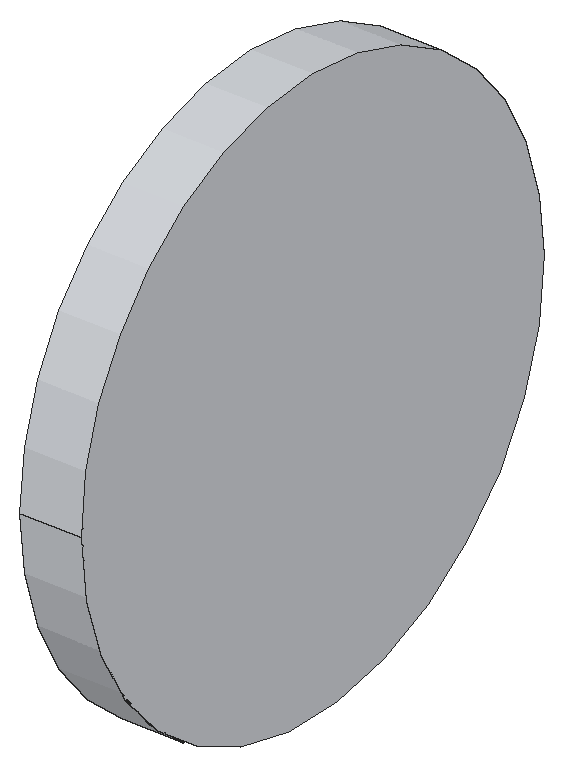
Revit family "b49ac44c497a4d19897e9b01df906656", category Pipe Fittings, Revit 2021
Family settings
  Round Connector Dimension = Use Radius
  Part Type = Cap
  OmniClass Number = 23.60.30.11.14
  OmniClass Title = Pipework Fittings
  Seek Item ID = Flange - Blind - Steel - Class 150-0000-USA-ENU
  Work Plane-Based = No
  Always vertical = Yes
  Cut with Voids When Loaded = No
  Shared = No
Parameters (values of type "Standard")
  Tick Size [instance] = Flange Outside Diameter * 0.4  # 1.41732"
  Raised Face Thickness [instance] = 1/16"  # constant formula
  Raised Face Radius [instance] = Raised Face Diameter / 2  # 0.68701"
  Raised Face Diameter [instance] = size_lookup(Lookup Table Name, "RFD", 1.11 * Nominal Diameter + 1 47/128", Nominal Diameter)  # 1.37402"
  Nominal Radius [instance] = 1/4"
  Nominal Diameter [instance] = Nominal Radius * 2  # 1/2"
  Loss Method = Not Defined
  Lookup Table Name = "Flange - Blind - Steel - Class 150"
  Flange Thickness [instance] = size_lookup(Lookup Table Name, "FThk", 0.05 * Nominal Diameter + 143/256", Nominal Diameter)  # 0.37795"
  Flange Outside Radius [instance] = Flange Outside Diameter / 2  # 1.77165"
  Flange Outside Diameter [instance] = size_lookup(Lookup Table Name, "FOD", 1.24 * Nominal Diameter + 3 135/256", Nominal Diameter)  # 3.54331"
  Default Elevation = 0' - 0"
Reference planes (in)
  plane 1 "Center (Front/Back)": y = 0
  plane 2: z = 0
  plane 3 "Center (Left/Right)": x = 0
  plane 4: x = 0.0625
  plane 5: x = 0.44045
  plane 6: y = 1.41732
  plane 7: y = -1.41732
Forms (in)
  Extrusion 1, solid, detail levels fine
    sketch origin (0, 0, 0) x (0, 1, 0) y (0, 0, 1)
      loop
        circle (0, 0) r 0.68701
    from 0 to 0.0625
  Extrusion 2, solid, detail levels fine
    sketch origin (0, 0, 0) x (0, 1, 0) y (0, 0, 1)
      loop
        circle (0, 0) r 1.77165
    from 0.0625 to 0.44045
Cuts and joins
  joined: Extrusion 1, Extrusion 2
Lines and regions (in)
  model lines, detail levels coarse+medium
    curve 1: line (0, 1.41732, 0) -> (0, -1.41732, 0)
Dimensions and locks (in)
  "Raised Face Thickness": plane 3 "Center (Left/Right)" to plane 4
  "Flange Thickness": plane 4 to plane 5
  equal spacing: plane 6, plane 1 "Center (Front/Back)", plane 7
  "Tick Size": plane 6 to plane 1 "Center (Front/Back)"
  "Raised Face Radius": radius of Extrusion 1 sketch curve
  "Flange Outside Radius": radius of Extrusion 2 sketch curve
  aligned and locked: plane 6 to curve 1
  aligned and locked: plane 7 to curve 1
  aligned and locked: plane 1 "Center (Front/Back)" to Extrusion 1 sketch curve
  aligned and locked: plane 2 to Extrusion 1 sketch curve
  aligned and locked: Extrusion 1 to plane 3 "Center (Left/Right)"
  aligned and locked: plane 4 to Extrusion 1
  aligned and locked: plane 1 "Center (Front/Back)" to Extrusion 2 sketch curve
  aligned and locked: plane 2 to Extrusion 2 sketch curve
  aligned and locked: Extrusion 2 to plane 4
  aligned and locked: plane 5 to Extrusion 2
Automatic sketch dimensions
  curve 1 to plane 6 = 0' - 0"
  curve 1 to plane 3 "Center (Left/Right)" = 0' - 0"
  Extrusion 2 sketch curve to level = 0' - 0"
Connectors (in)
  piping at (0, 0, 0), diameter 0.5, driven by "Nominal Radius"
    settings: on cut or joined group of Extrusion 1, Extrusion 2, index 1, connector inside diameter 1/2", connector length 0' - 0", flow factor 0, pipe flow 0 GPM, pressure drop 0.00 psi, fitting loss kfactor 0, connector angle 0.00°, fixture units 0, engagement length 0' - 0", angle of deflection 0.00°, flow configuration 0, flow direction 0, fitting loss method 0, system type 28, joint type 0, gender type 0, connector reference index -1, connector utility 0, adjustable connector no, is connector primary yes, connector description ""
